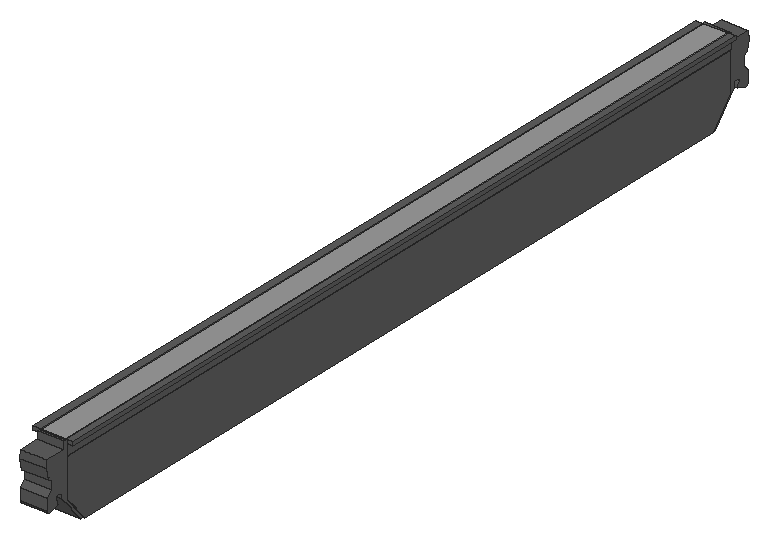
Revit family "CC4_TRANSVERSAL CC TR 27 1,5_1870745", category Generic Models, Revit 2018
Family settings
  Can host rebar = No
  Round Connector Dimension = Use Diameter
  Part Type = Normal
  OmniClass Number = 35.51.14.00
  OmniClass Title = FORMWORK
  Work Plane-Based = Yes
  Always vertical = No
  Cut with Voids When Loaded = No
  Shared = Yes
  Room Calculation Point = No
Parameters
  VERSION = "20190101"  # constant formula
  URL = "www.ulmaconstruction.com/en"
  UNICLASS = ""
  ITEM_CODE = "1870745"
  Manufacturer = "ULMA CONSTRUCTION"  # constant formula
  FILTER [instance] = ""
  Default Elevation = 0.000 mm
  CLASSIFICATION_TITLE = ""
  CLASSIFICATION_NUMBER = ""
Reference planes
  plane 1 "Centro (Frontal/Posterior)": y = 0
  plane 2: z = 0
  plane 3 "Centro (Izquierda/Derecha)": x = 0
  plane 4 "ITEM_LENGTH": y = 1500
Forms (mm)
  Extrusion 1, solid, material "ULMA POLYPROPYLENE BLACK"
    sketch origin (0, 0, -6) x (1, 0, 0) y (0, 0, 1)
      loop
        line (-20.25, -71) -> (20.25, -71) -> (20.25, -21) -> (-20.25, -21) -> (-20.25, -71)
    from -1430 to -70
  Extrusion 2, solid, material "ULMA BLACK", detail levels fine
    sketch origin (0, 0, -6) x (1, 0, 0) y (0, 0, 1)
      loop
        line (-20.25, -21) -> (-33, -21) -> (-33, -27) -> (-24.75, -27) -> (-24.75, -44.293) -> (-24.25, -45.207) -> (-24.25, -151) -> (24.25, -151) -> (24.25, -45.207) -> (24.75, -44.293) -> (24.75, -27) -> (33, -27) -> (33, -21) -> (20.25, -21) -> (20.25, -71) -> (-20.25, -71) -> (-20.25, -21)
    from -1430 to -70
  Extrusion 3, void
    sketch origin (0, 0, -11) x (0, 1, 0) y (0, 0, 1)
      loop
        line (104.823, -146) -> (70, -104.5) -> (68, -104.5) -> (68, -148) -> (104.823, -148) -> (104.823, -146)
    from -35 to 35
  Extrusion 4, void
    sketch origin (0, 0, -11) x (0, 1, 0) y (0, 0, 1)
      loop
        line (1430, -104.5) -> (1395.177, -146) -> (1395.177, -148) -> (1432, -148) -> (1432, -104.5) -> (1430, -104.5)
    from -35 to 35
  Extrusion 5, solid, material "ULMA BLACK", detail levels fine
    sketch origin (0, 0, -11) x (0, 1, 0) y (0, 0, 1)
      loop
        line (70, -17) -> (65, -17) -> (65, -29) -> (30.211, -29) -> (29.97, -42.8) -> (33, -59.8) -> (39.97, -62.337) -> (39.97, -77.03) -> (30.805, -86.195) -> (30.805, -105.19)
        arc (30.805, -105.19) -> (32.37, -108.364) -> (35.841, -109.054) r 4
        line (35.841, -109.054) -> (50.97, -105)
        arc (50.97, -105) -> (50.117, -99.722) -> (47.752, -94.927) r 18.004
        arc (47.752, -94.927) -> (47.59, -92.342) -> (49.806, -91) r 2.5
        line (49.806, -91) -> (57.072, -91)
        arc (57.072, -91) -> (58.684, -91.589) -> (59.536, -93.079) r 2.5
        line (59.536, -93.079) -> (60.708, -99.945) -> (99.353, -146) -> (102.563, -143.307) -> (70, -104.5) -> (70, -17)
    from -22 to 22
  Extrusion 6, solid, material "ULMA BLACK", detail levels fine
    sketch origin (0, 0, -11) x (0, 1, 0) y (0, 0, 1)
      loop
        line (1430, -17) -> (1430, -104.5) -> (1397.437, -143.307) -> (1400.647, -146) -> (1439.292, -99.945) -> (1440.464, -93.079)
        arc (1440.464, -93.079) -> (1441.316, -91.589) -> (1442.928, -91) r 2.5
        line (1442.928, -91) -> (1450.194, -91)
        arc (1450.194, -91) -> (1452.41, -92.342) -> (1452.248, -94.927) r 2.5
        arc (1452.248, -94.927) -> (1449.883, -99.722) -> (1449.03, -105) r 18.004
        line (1449.03, -105) -> (1464.159, -109.054)
        arc (1464.159, -109.054) -> (1467.63, -108.364) -> (1469.195, -105.19) r 4
        line (1469.195, -105.19) -> (1469.195, -86.195) -> (1460.03, -77.03) -> (1460.03, -62.337) -> (1467, -59.8) -> (1470.03, -42.8) -> (1469.789, -29) -> (1435, -29) -> (1435, -17) -> (1430, -17)
    from -22 to 22
  Extrusion 7, solid, material "ULMA BLACK", detail levels coarse+medium
    sketch origin (0, 0, -6) x (1, 0, 0) y (0, 0, 1)
      loop
        line (-33, -21) -> (-33, -151) -> (33, -151) -> (33, -21) -> (20.25, -21) -> (20.25, -71) -> (-20.25, -71) -> (-20.25, -21) -> (-33, -21)
    from -1430 to -70
  Extrusion 8, solid, material "ULMA BLACK", detail levels coarse+medium
    sketch origin (0, 0, -12) x (0, 1, 0) y (0, 0, 1)
      loop
        line (70, -28) -> (35, -28) -> (35, -90) -> (70, -90) -> (70, -28)
    from -22 to 22
  Extrusion 9, solid, material "ULMA BLACK", detail levels coarse+medium
    sketch origin (0, 0, -6) x (0, 1, 0) y (0, 0, 1)
      loop
        line (1430, -34) -> (1430, -96) -> (1465, -96) -> (1465, -34) -> (1430, -34)
    from -22 to 22
Cuts and joins
  Extrusion 3, Extrusion 4 cuts Extrusion 2
  Extrusion 3, Extrusion 4 cuts Extrusion 7
Dimensions and locks
  plane 1 "Centro (Frontal/Posterior)" to plane 4 "ITEM_LENGTH" = 1500.000 mm
  locked: plane 4 "ITEM_LENGTH" to plane 1 "Centro (Frontal/Posterior)" at 1500
  aligned and locked: level to plane 2
